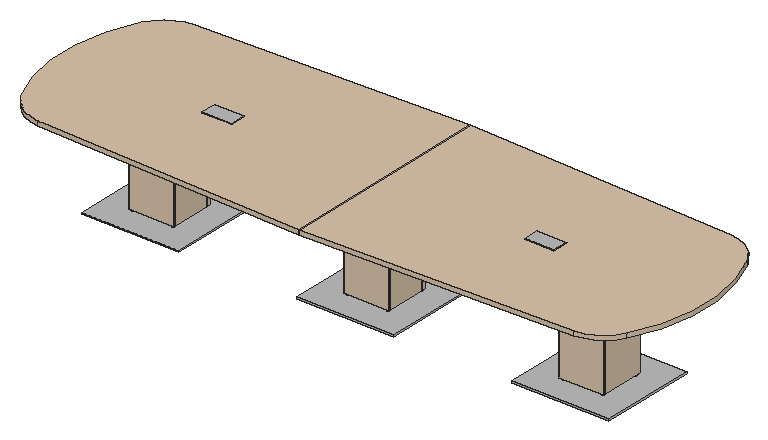
Revit family "Haworth_Planes_ColumnBaseConferenceTable_PebbleTwoPiece", category Furniture Systems, Revit 2018 (continued)
Definition of nested family "Haworth_Planes_Worksurface_Pebble_2Piece_PART"
  Definition of nested family "Haworth_Planes_Worksurface_Pebble54_TwoPiece_Part"
    Dimensions and locks (in)
      aligned and locked: Extrusion 1 to plane 5 "Table Bottom"
      aligned and locked: Extrusion 2 to plane 5 "Table Bottom"
      aligned and locked: Extrusion 3 to plane 5 "Table Bottom"
      aligned and locked: Extrusion 4 to plane 5 "Table Bottom"
      aligned and locked: Extrusion 5 to plane 5 "Table Bottom"
      aligned and locked: Extrusion 6 to plane 5 "Table Bottom"
      aligned and locked: Extrusion 7 to plane 5 "Table Bottom"
      aligned and locked: Extrusion 9 to plane 5 "Table Bottom"
      aligned and locked: Extrusion 8 to plane 5 "Table Bottom"
      aligned and locked: plane 4 "Table Top" to Extrusion 20
      aligned and locked: plane 4 "Table Top" to Extrusion 19
      aligned and locked: plane 4 "Table Top" to Extrusion 18
      aligned and locked: plane 4 "Table Top" to Extrusion 17
      aligned and locked: plane 4 "Table Top" to Extrusion 16
      aligned and locked: plane 4 "Table Top" to Extrusion 15
      aligned and locked: plane 4 "Table Top" to Extrusion 14
      aligned and locked: plane 4 "Table Top" to Extrusion 13
      aligned and locked: plane 4 "Table Top" to Extrusion 12
      aligned and locked: plane 4 "Table Top" to Extrusion 11
      aligned and locked: Extrusion 20 to plane 5 "Table Bottom"
      aligned and locked: Extrusion 19 to plane 5 "Table Bottom"
      aligned and locked: Extrusion 18 to plane 5 "Table Bottom"
      aligned and locked: Extrusion 17 to plane 5 "Table Bottom"
      aligned and locked: Extrusion 16 to plane 5 "Table Bottom"
      aligned and locked: Extrusion 15 to plane 5 "Table Bottom"
      aligned and locked: Extrusion 14 to plane 5 "Table Bottom"
      aligned and locked: Extrusion 13 to plane 5 "Table Bottom"
      aligned and locked: Extrusion 12 to plane 5 "Table Bottom"
      aligned and locked: Extrusion 11 to plane 5 "Table Bottom"
    Automatic sketch dimensions
      curve 1 to plane 3 "Center L/R" = 0"
      plane 1 "Center F/B" to curve 1 = 26.84"
      curve 1 to plane 1 "Center F/B" = 26.84"
      plane 1 "Center F/B" to Extrusion 1 sketch curve = 0"
      Extrusion 1 sketch curve to plane 3 "Center L/R" = 0"
      Extrusion 1 sketch curve to plane 3 "Center L/R" = 1.4443"  (x2)
      Extrusion 1 sketch curve to plane 3 "Center L/R" = 17.68"
      plane 1 "Center F/B" to Extrusion 1 sketch curve = 12.38461"
      plane 1 "Center F/B" to Extrusion 1 sketch curve = 26.84"
      Extrusion 1 sketch curve to Extrusion 1 sketch curve = 405.59091"  (x2)
      Extrusion 1 sketch curve to plane 1 "Center F/B" = 12.38461"
      Extrusion 1 sketch curve to plane 1 "Center F/B" = 26.84"
      Extrusion 1 sketch curve to Extrusion 1 sketch curve = 0"  (x4)
      plane 1 "Center F/B" to Extrusion 2 sketch curve = 0"
      Extrusion 2 sketch curve to plane 3 "Center L/R" = 0"
      Extrusion 2 sketch curve to plane 3 "Center L/R" = 1.45088"  (x2)
      Extrusion 2 sketch curve to plane 3 "Center L/R" = 20.68"
      plane 1 "Center F/B" to Extrusion 2 sketch curve = 12.38568"
      plane 1 "Center F/B" to Extrusion 2 sketch curve = 26.84"
      Extrusion 2 sketch curve to Extrusion 2 sketch curve = 464.70521"  (x2)
      Extrusion 2 sketch curve to plane 1 "Center F/B" = 12.38568"
      Extrusion 2 sketch curve to plane 1 "Center F/B" = 26.84"
      Extrusion 2 sketch curve to Extrusion 2 sketch curve = 0"  (x4)
      plane 1 "Center F/B" to Extrusion 3 sketch curve = 0"
      Extrusion 3 sketch curve to plane 3 "Center L/R" = 0"
      Extrusion 3 sketch curve to plane 3 "Center L/R" = 1.4551"  (x2)
      plane 1 "Center F/B" to Extrusion 3 sketch curve = 12.38622"
      plane 1 "Center F/B" to Extrusion 3 sketch curve = 26.84"
      Extrusion 3 sketch curve to Extrusion 3 sketch curve = 527.4563"  (x2)
      Extrusion 3 sketch curve to plane 1 "Center F/B" = 12.38622"
      Extrusion 3 sketch curve to plane 1 "Center F/B" = 26.84"
      Extrusion 3 sketch curve to Extrusion 3 sketch curve = 0"  (x4)
      plane 1 "Center F/B" to Extrusion 4 sketch curve = 0"
      Extrusion 4 sketch curve to plane 3 "Center L/R" = 0"
      Extrusion 4 sketch curve to plane 3 "Center L/R" = 1.45465"  (x2)
      plane 1 "Center F/B" to Extrusion 4 sketch curve = 12.38637"
      plane 1 "Center F/B" to Extrusion 4 sketch curve = 26.84"
      Extrusion 4 sketch curve to Extrusion 4 sketch curve = 593.90588"  (x2)
      Extrusion 4 sketch curve to plane 1 "Center F/B" = 12.38637"
      Extrusion 4 sketch curve to plane 1 "Center F/B" = 26.84"
      Extrusion 4 sketch curve to Extrusion 4 sketch curve = 0"  (x4)
      plane 1 "Center F/B" to Extrusion 5 sketch curve = 0"
      Extrusion 5 sketch curve to plane 3 "Center L/R" = 0"
      Extrusion 5 sketch curve to plane 3 "Center L/R" = 1.45786"  (x2)
      plane 1 "Center F/B" to Extrusion 5 sketch curve = 12.38625"
      plane 1 "Center F/B" to Extrusion 5 sketch curve = 26.84"
      Extrusion 5 sketch curve to Extrusion 5 sketch curve = 663.86697"  (x2)
      Extrusion 5 sketch curve to plane 1 "Center F/B" = 12.38625"
      Extrusion 5 sketch curve to plane 1 "Center F/B" = 26.84"
      Extrusion 5 sketch curve to Extrusion 5 sketch curve = 0"  (x4)
      plane 1 "Center F/B" to Extrusion 6 sketch curve = 0"
      Extrusion 6 sketch curve to plane 3 "Center L/R" = 0"
      Extrusion 6 sketch curve to plane 3 "Center L/R" = 1.46083"  (x2)
      plane 1 "Center F/B" to Extrusion 6 sketch curve = 12.38592"
      plane 1 "Center F/B" to Extrusion 6 sketch curve = 26.84"
      Extrusion 6 sketch curve to Extrusion 6 sketch curve = 737.42641"  (x2)
      Extrusion 6 sketch curve to plane 1 "Center F/B" = 12.38592"
      Extrusion 6 sketch curve to plane 1 "Center F/B" = 26.84"
      Extrusion 6 sketch curve to Extrusion 6 sketch curve = 0"  (x4)
      plane 1 "Center F/B" to Extrusion 7 sketch curve = 0"
      Extrusion 7 sketch curve to plane 3 "Center L/R" = 0"
      Extrusion 7 sketch curve to plane 3 "Center L/R" = 1.46185"  (x2)
      Extrusion 7 sketch curve to plane 1 "Center F/B" = 12.38546"
      plane 1 "Center F/B" to Extrusion 7 sketch curve = 12.38546"
      plane 1 "Center F/B" to Extrusion 7 sketch curve = 26.84"
      Extrusion 7 sketch curve to Extrusion 7 sketch curve = 814.63142"  (x2)
      Extrusion 7 sketch curve to plane 1 "Center F/B" = 26.84"
      Extrusion 7 sketch curve to Extrusion 7 sketch curve = 0"  (x4)
      plane 1 "Center F/B" to Extrusion 8 sketch curve = 0"
      Extrusion 8 sketch curve to plane 3 "Center L/R" = 0"
      Extrusion 8 sketch curve to plane 3 "Center L/R" = 1.4678"  (x2)
      Extrusion 8 sketch curve to plane 1 "Center F/B" = 12.3849"
      plane 1 "Center F/B" to Extrusion 8 sketch curve = 12.3849"
      plane 1 "Center F/B" to Extrusion 8 sketch curve = 26.84"
      Extrusion 8 sketch curve to Extrusion 8 sketch curve = 895.29512"  (x2)
      Extrusion 8 sketch curve to plane 1 "Center F/B" = 26.84"
      Extrusion 8 sketch curve to Extrusion 8 sketch curve = 0"  (x4)
      plane 1 "Center F/B" to Extrusion 9 sketch curve = 0"
      Extrusion 9 sketch curve to plane 3 "Center L/R" = 0"
      Extrusion 9 sketch curve to plane 3 "Center L/R" = 1.47096"  (x2)
      Extrusion 9 sketch curve to plane 1 "Center F/B" = 12.38426"
      plane 1 "Center F/B" to Extrusion 9 sketch curve = 12.38426"
      Extrusion 9 sketch curve to Extrusion 9 sketch curve = 0"  (x4)
      plane 1 "Center F/B" to Extrusion 9 sketch curve = 26.84"
      Extrusion 9 sketch curve to Extrusion 9 sketch curve = 979.62634"  (x2)
      Extrusion 9 sketch curve to plane 1 "Center F/B" = 26.84"
      plane 1 "Center F/B" to Extrusion 10 sketch curve = 0"
      Extrusion 10 sketch curve to plane 3 "Center L/R" = 0"
      Extrusion 10 sketch curve to plane 3 "Center L/R" = 1.47142"  (x2)
      Extrusion 10 sketch curve to plane 1 "Center F/B" = 12.38358"
      plane 1 "Center F/B" to Extrusion 10 sketch curve = 12.38358"
      Extrusion 10 sketch curve to Extrusion 10 sketch curve = 0"  (x4)
      plane 1 "Center F/B" to Extrusion 10 sketch curve = 26.84"
      Extrusion 10 sketch curve to Extrusion 10 sketch curve = 1067.63242"  (x2)
      Extrusion 10 sketch curve to plane 1 "Center F/B" = 26.84"
      plane 1 "Center F/B" to Masking region 1 sketch curve = 0"
      Masking region 1 sketch curve to plane 3 "Center L/R" = 0"
      Masking region 1 sketch curve to plane 3 "Center L/R" = 1.4443"  (x2)
      Masking region 1 sketch curve to plane 3 "Center L/R" = 17.68"
      plane 1 "Center F/B" to Masking region 1 sketch curve = 12.38461"
      plane 1 "Center F/B" to Masking region 1 sketch curve = 26.84"
      Masking region 1 sketch curve to Masking region 1 sketch curve = 405.59091"  (x2)
      Masking region 1 sketch curve to plane 1 "Center F/B" = 12.38461"
      Masking region 1 sketch curve to plane 1 "Center F/B" = 26.84"
      Masking region 1 sketch curve to Masking region 1 sketch curve = 0"  (x4)
      plane 1 "Center F/B" to Masking region 2 sketch curve = 0"
      Masking region 2 sketch curve to plane 3 "Center L/R" = 0"
      Masking region 2 sketch curve to plane 3 "Center L/R" = 1.45088"  (x2)
      Masking region 2 sketch curve to plane 3 "Center L/R" = 20.68"
      plane 1 "Center F/B" to Masking region 2 sketch curve = 12.38568"
      plane 1 "Center F/B" to Masking region 2 sketch curve = 26.84"
      Masking region 2 sketch curve to Masking region 2 sketch curve = 464.70521"  (x2)
      Masking region 2 sketch curve to plane 1 "Center F/B" = 12.38568"
      Masking region 2 sketch curve to plane 1 "Center F/B" = 26.84"
      Masking region 2 sketch curve to Masking region 2 sketch curve = 0"  (x4)
      plane 1 "Center F/B" to Masking region 3 sketch curve = 0"
      Masking region 3 sketch curve to plane 3 "Center L/R" = 0"
      Masking region 3 sketch curve to plane 3 "Center L/R" = 1.4551"  (x2)
      plane 1 "Center F/B" to Masking region 3 sketch curve = 12.38622"
      plane 1 "Center F/B" to Masking region 3 sketch curve = 26.84"
      Masking region 3 sketch curve to Masking region 3 sketch curve = 527.4563"  (x2)
      Masking region 3 sketch curve to plane 1 "Center F/B" = 12.38622"
      Masking region 3 sketch curve to plane 1 "Center F/B" = 26.84"
      Masking region 3 sketch curve to Masking region 3 sketch curve = 0"  (x4)
      plane 1 "Center F/B" to Masking region 4 sketch curve = 0"
      Masking region 4 sketch curve to plane 3 "Center L/R" = 0"
      Masking region 4 sketch curve to plane 3 "Center L/R" = 1.45465"  (x2)
      plane 1 "Center F/B" to Masking region 4 sketch curve = 12.38637"
      plane 1 "Center F/B" to Masking region 4 sketch curve = 26.84"
      Masking region 4 sketch curve to Masking region 4 sketch curve = 593.90588"  (x2)
      Masking region 4 sketch curve to plane 1 "Center F/B" = 12.38637"
      Masking region 4 sketch curve to plane 1 "Center F/B" = 26.84"
      Masking region 4 sketch curve to Masking region 4 sketch curve = 0"  (x4)
      plane 1 "Center F/B" to Masking region 5 sketch curve = 0"
      Masking region 5 sketch curve to plane 3 "Center L/R" = 0"
      Masking region 5 sketch curve to plane 3 "Center L/R" = 1.45786"  (x2)
      plane 1 "Center F/B" to Masking region 5 sketch curve = 12.38625"
      plane 1 "Center F/B" to Masking region 5 sketch curve = 26.84"
      Masking region 5 sketch curve to Masking region 5 sketch curve = 663.86697"  (x2)
      Masking region 5 sketch curve to plane 1 "Center F/B" = 12.38625"
      Masking region 5 sketch curve to plane 1 "Center F/B" = 26.84"
      Masking region 5 sketch curve to Masking region 5 sketch curve = 0"  (x4)
      plane 1 "Center F/B" to Masking region 6 sketch curve = 0"
      Masking region 6 sketch curve to plane 3 "Center L/R" = 0"
      Masking region 6 sketch curve to plane 3 "Center L/R" = 1.46083"  (x2)
      plane 1 "Center F/B" to Masking region 6 sketch curve = 12.38592"
      plane 1 "Center F/B" to Masking region 6 sketch curve = 26.84"
      Masking region 6 sketch curve to Masking region 6 sketch curve = 737.42641"  (x2)
      Masking region 6 sketch curve to plane 1 "Center F/B" = 12.38592"
      Masking region 6 sketch curve to plane 1 "Center F/B" = 26.84"
      Masking region 6 sketch curve to Masking region 6 sketch curve = 0"  (x4)
      plane 1 "Center F/B" to Masking region 7 sketch curve = 0"
      Masking region 7 sketch curve to plane 3 "Center L/R" = 0"
      Masking region 7 sketch curve to plane 3 "Center L/R" = 1.46185"  (x2)
      plane 1 "Center F/B" to Masking region 7 sketch curve = 12.38546"
      plane 1 "Center F/B" to Masking region 7 sketch curve = 26.84"
      Masking region 7 sketch curve to Masking region 7 sketch curve = 814.63142"  (x2)
      Masking region 7 sketch curve to plane 1 "Center F/B" = 12.38546"
      Masking region 7 sketch curve to plane 1 "Center F/B" = 26.84"
      Masking region 7 sketch curve to Masking region 7 sketch curve = 0"  (x4)
      plane 1 "Center F/B" to Masking region 8 sketch curve = 0"
      Masking region 8 sketch curve to plane 3 "Center L/R" = 0"
      Masking region 8 sketch curve to plane 3 "Center L/R" = 1.4678"  (x2)
      plane 1 "Center F/B" to Masking region 8 sketch curve = 12.3849"
      Masking region 8 sketch curve to plane 1 "Center F/B" = 12.3849"
      plane 1 "Center F/B" to Masking region 8 sketch curve = 26.84"
      Masking region 8 sketch curve to Masking region 8 sketch curve = 895.29512"  (x2)
      Masking region 8 sketch curve to plane 1 "Center F/B" = 26.84"
      Masking region 8 sketch curve to Masking region 8 sketch curve = 0"  (x4)
      plane 1 "Center F/B" to Masking region 9 sketch curve = 0"
      Masking region 9 sketch curve to plane 3 "Center L/R" = 0"
      Masking region 9 sketch curve to plane 3 "Center L/R" = 1.47096"  (x2)
      plane 1 "Center F/B" to Masking region 9 sketch curve = 12.38426"
      Masking region 9 sketch curve to plane 1 "Center F/B" = 12.38426"
      Masking region 9 sketch curve to Masking region 9 sketch curve = 0"  (x4)
      plane 1 "Center F/B" to Masking region 9 sketch curve = 26.84"
      Masking region 9 sketch curve to Masking region 9 sketch curve = 979.62634"  (x2)
      Masking region 9 sketch curve to plane 1 "Center F/B" = 26.84"
      plane 1 "Center F/B" to Masking region 10 sketch curve = 0"
      Masking region 10 sketch curve to plane 3 "Center L/R" = 0"
      Masking region 10 sketch curve to plane 3 "Center L/R" = 1.47142"  (x2)
      plane 1 "Center F/B" to Masking region 10 sketch curve = 12.38358"
      Masking region 10 sketch curve to plane 1 "Center F/B" = 12.38358"
      Masking region 10 sketch curve to Masking region 10 sketch curve = 0"  (x4)
      plane 1 "Center F/B" to Masking region 10 sketch curve = 26.84"
      Masking region 10 sketch curve to Masking region 10 sketch curve = 1067.63242"  (x2)
      Masking region 10 sketch curve to plane 1 "Center F/B" = 26.84"
      plane 1 "Center F/B" to Extrusion 11 sketch curve = 0"
      Extrusion 11 sketch curve to plane 3 "Center L/R" = 0"
      Extrusion 11 sketch curve to plane 3 "Center L/R" = 1.4443"  (x2)
      Extrusion 11 sketch curve to plane 3 "Center L/R" = 17.68"
      Extrusion 11 sketch curve to plane 1 "Center F/B" = 12.38461"
      Extrusion 11 sketch curve to plane 1 "Center F/B" = 26.84"
      Extrusion 11 sketch curve to Extrusion 11 sketch curve = 405.59091"  (x2)
      plane 1 "Center F/B" to Extrusion 11 sketch curve = 12.38461"
      plane 1 "Center F/B" to Extrusion 11 sketch curve = 26.84"
      Extrusion 11 sketch curve to Extrusion 11 sketch curve = 0"  (x4)
      plane 1 "Center F/B" to Extrusion 12 sketch curve = 0"
      Extrusion 12 sketch curve to plane 3 "Center L/R" = 0"
      Extrusion 12 sketch curve to plane 3 "Center L/R" = 1.45088"  (x2)
      Extrusion 12 sketch curve to plane 3 "Center L/R" = 20.68"
      Extrusion 12 sketch curve to plane 1 "Center F/B" = 12.38568"
      Extrusion 12 sketch curve to plane 1 "Center F/B" = 26.84"
      Extrusion 12 sketch curve to Extrusion 12 sketch curve = 464.70521"  (x2)
      plane 1 "Center F/B" to Extrusion 12 sketch curve = 12.38568"
      plane 1 "Center F/B" to Extrusion 12 sketch curve = 26.84"
      Extrusion 12 sketch curve to Extrusion 12 sketch curve = 0"  (x4)
      plane 1 "Center F/B" to Extrusion 13 sketch curve = 0"
      Extrusion 13 sketch curve to plane 3 "Center L/R" = 0"
      Extrusion 13 sketch curve to plane 3 "Center L/R" = 1.4551"  (x2)
      Extrusion 13 sketch curve to plane 1 "Center F/B" = 12.38622"
      Extrusion 13 sketch curve to plane 1 "Center F/B" = 26.84"
      Extrusion 13 sketch curve to Extrusion 13 sketch curve = 527.4563"  (x2)
      plane 1 "Center F/B" to Extrusion 13 sketch curve = 12.38622"
      plane 1 "Center F/B" to Extrusion 13 sketch curve = 26.84"
      Extrusion 13 sketch curve to Extrusion 13 sketch curve = 0"  (x4)
      plane 1 "Center F/B" to Extrusion 14 sketch curve = 0"
      Extrusion 14 sketch curve to plane 3 "Center L/R" = 0"
      Extrusion 14 sketch curve to plane 3 "Center L/R" = 1.45465"  (x2)
      Extrusion 14 sketch curve to plane 1 "Center F/B" = 12.38637"
      Extrusion 14 sketch curve to plane 1 "Center F/B" = 26.84"
      Extrusion 14 sketch curve to Extrusion 14 sketch curve = 593.90588"  (x2)
      plane 1 "Center F/B" to Extrusion 14 sketch curve = 12.38637"
      plane 1 "Center F/B" to Extrusion 14 sketch curve = 26.84"
      Extrusion 14 sketch curve to Extrusion 14 sketch curve = 0"  (x4)
      plane 1 "Center F/B" to Extrusion 15 sketch curve = 0"
      Extrusion 15 sketch curve to plane 3 "Center L/R" = 0"
      Extrusion 15 sketch curve to plane 3 "Center L/R" = 1.45786"  (x2)
      Extrusion 15 sketch curve to plane 1 "Center F/B" = 12.38625"
      Extrusion 15 sketch curve to plane 1 "Center F/B" = 26.84"
      Extrusion 15 sketch curve to Extrusion 15 sketch curve = 663.86697"  (x2)
      plane 1 "Center F/B" to Extrusion 15 sketch curve = 12.38625"
      plane 1 "Center F/B" to Extrusion 15 sketch curve = 26.84"
      Extrusion 15 sketch curve to Extrusion 15 sketch curve = 0"  (x4)
      plane 1 "Center F/B" to Extrusion 16 sketch curve = 0"
      Extrusion 16 sketch curve to plane 3 "Center L/R" = 0"
      Extrusion 16 sketch curve to plane 3 "Center L/R" = 1.46083"  (x2)
      Extrusion 16 sketch curve to plane 1 "Center F/B" = 12.38592"
      Extrusion 16 sketch curve to plane 1 "Center F/B" = 26.84"
      Extrusion 16 sketch curve to Extrusion 16 sketch curve = 737.42641"  (x2)
      plane 1 "Center F/B" to Extrusion 16 sketch curve = 12.38592"
      plane 1 "Center F/B" to Extrusion 16 sketch curve = 26.84"
      Extrusion 16 sketch curve to Extrusion 16 sketch curve = 0"  (x4)
      plane 1 "Center F/B" to Extrusion 17 sketch curve = 0"
      Extrusion 17 sketch curve to plane 3 "Center L/R" = 0"
      Extrusion 17 sketch curve to plane 3 "Center L/R" = 1.46185"  (x2)
      plane 1 "Center F/B" to Extrusion 17 sketch curve = 12.38546"
      Extrusion 17 sketch curve to plane 1 "Center F/B" = 12.38546"
      Extrusion 17 sketch curve to plane 1 "Center F/B" = 26.84"
      Extrusion 17 sketch curve to Extrusion 17 sketch curve = 814.63142"  (x2)
      plane 1 "Center F/B" to Extrusion 17 sketch curve = 26.84"
      Extrusion 17 sketch curve to Extrusion 17 sketch curve = 0"  (x4)
      plane 1 "Center F/B" to Extrusion 18 sketch curve = 0"
      Extrusion 18 sketch curve to plane 3 "Center L/R" = 0"
      Extrusion 18 sketch curve to plane 3 "Center L/R" = 1.4678"  (x2)
      plane 1 "Center F/B" to Extrusion 18 sketch curve = 12.3849"
      Extrusion 18 sketch curve to plane 1 "Center F/B" = 12.3849"
      Extrusion 18 sketch curve to plane 1 "Center F/B" = 26.84"
      Extrusion 18 sketch curve to Extrusion 18 sketch curve = 895.29512"  (x2)
      plane 1 "Center F/B" to Extrusion 18 sketch curve = 26.84"
      Extrusion 18 sketch curve to Extrusion 18 sketch curve = 0"  (x4)
      plane 1 "Center F/B" to Extrusion 19 sketch curve = 0"
      Extrusion 19 sketch curve to plane 3 "Center L/R" = 0"
      Extrusion 19 sketch curve to plane 3 "Center L/R" = 1.47096"  (x2)
      plane 1 "Center F/B" to Extrusion 19 sketch curve = 12.38426"
      Extrusion 19 sketch curve to plane 1 "Center F/B" = 12.38426"
      Extrusion 19 sketch curve to Extrusion 19 sketch curve = 0"  (x4)
      Extrusion 19 sketch curve to plane 1 "Center F/B" = 26.84"
      Extrusion 19 sketch curve to Extrusion 19 sketch curve = 979.62634"  (x2)
      plane 1 "Center F/B" to Extrusion 19 sketch curve = 26.84"
      plane 1 "Center F/B" to Extrusion 20 sketch curve = 0"
      Extrusion 20 sketch curve to plane 3 "Center L/R" = 0"
      Extrusion 20 sketch curve to plane 3 "Center L/R" = 1.47142"  (x2)
      plane 1 "Center F/B" to Extrusion 20 sketch curve = 12.38358"
      Extrusion 20 sketch curve to plane 1 "Center F/B" = 12.38358"
      Extrusion 20 sketch curve to Extrusion 20 sketch curve = 0"  (x4)
      Extrusion 20 sketch curve to plane 1 "Center F/B" = 26.84"
      Extrusion 20 sketch curve to Extrusion 20 sketch curve = 1067.63242"  (x2)
      plane 1 "Center F/B" to Extrusion 20 sketch curve = 26.84"
      Masking region 11 sketch curve to plane 3 "Center L/R" = 0"
      plane 1 "Center F/B" to Masking region 11 sketch curve = 0"
      plane 1 "Center F/B" to Masking region 11 sketch curve = 12.38461"
      plane 1 "Center F/B" to Masking region 11 sketch curve = 26.84"
      plane 3 "Center L/R" to Masking region 11 sketch curve = 1.4443"  (x2)
      Masking region 11 sketch curve to Masking region 11 sketch curve = 405.59091"  (x2)
      Masking region 11 sketch curve to plane 1 "Center F/B" = 12.38461"
      Masking region 11 sketch curve to plane 1 "Center F/B" = 26.84"
      plane 3 "Center L/R" to Masking region 11 sketch curve = 17.68"
      Masking region 11 sketch curve to Masking region 11 sketch curve = 4.50349"
      Masking region 11 sketch curve to Masking region 11 sketch curve = 0"  (x3)
      Masking region 12 sketch curve to plane 3 "Center L/R" = 0"
      plane 1 "Center F/B" to Masking region 12 sketch curve = 0"
      plane 1 "Center F/B" to Masking region 12 sketch curve = 12.38568"
      plane 1 "Center F/B" to Masking region 12 sketch curve = 26.84"
      plane 3 "Center L/R" to Masking region 12 sketch curve = 1.45088"  (x2)
      Masking region 12 sketch curve to Masking region 12 sketch curve = 464.70521"  (x2)
      Masking region 12 sketch curve to plane 1 "Center F/B" = 12.38568"
      Masking region 12 sketch curve to plane 1 "Center F/B" = 26.84"
      plane 3 "Center L/R" to Masking region 12 sketch curve = 20.68"
      Masking region 12 sketch curve to Masking region 12 sketch curve = 4.50388"
      Masking region 12 sketch curve to Masking region 12 sketch curve = 0"  (x3)
      Masking region 13 sketch curve to plane 3 "Center L/R" = 0"
      plane 1 "Center F/B" to Masking region 13 sketch curve = 0"
      plane 1 "Center F/B" to Masking region 13 sketch curve = 12.38622"
      plane 1 "Center F/B" to Masking region 13 sketch curve = 26.84"
      plane 3 "Center L/R" to Masking region 13 sketch curve = 1.4551"  (x2)
      Masking region 13 sketch curve to Masking region 13 sketch curve = 527.4563"  (x2)
      Masking region 13 sketch curve to plane 1 "Center F/B" = 12.38622"
      Masking region 13 sketch curve to plane 1 "Center F/B" = 26.84"
      Masking region 13 sketch curve to Masking region 13 sketch curve = 4.50408"
      Masking region 13 sketch curve to Masking region 13 sketch curve = 0"  (x3)
      Masking region 14 sketch curve to plane 3 "Center L/R" = 0"
      plane 1 "Center F/B" to Masking region 14 sketch curve = 0"
      plane 1 "Center F/B" to Masking region 14 sketch curve = 12.38637"
      plane 1 "Center F/B" to Masking region 14 sketch curve = 26.84"
      plane 3 "Center L/R" to Masking region 14 sketch curve = 1.45465"  (x2)
      Masking region 14 sketch curve to Masking region 14 sketch curve = 593.90588"  (x2)
      Masking region 14 sketch curve to plane 1 "Center F/B" = 12.38637"
      Masking region 14 sketch curve to plane 1 "Center F/B" = 26.84"
      Masking region 14 sketch curve to Masking region 14 sketch curve = 4.50413"
      Masking region 14 sketch curve to Masking region 14 sketch curve = 0"  (x3)
      Masking region 15 sketch curve to plane 3 "Center L/R" = 0"
      plane 1 "Center F/B" to Masking region 15 sketch curve = 0"
      plane 1 "Center F/B" to Masking region 15 sketch curve = 12.38625"
      plane 1 "Center F/B" to Masking region 15 sketch curve = 26.84"
      plane 3 "Center L/R" to Masking region 15 sketch curve = 1.45786"  (x2)
      Masking region 15 sketch curve to Masking region 15 sketch curve = 663.86697"  (x2)
      Masking region 15 sketch curve to plane 1 "Center F/B" = 12.38625"
      Masking region 15 sketch curve to plane 1 "Center F/B" = 26.84"
      Masking region 15 sketch curve to Masking region 15 sketch curve = 4.50409"
      Masking region 15 sketch curve to Masking region 15 sketch curve = 0"  (x3)
      Masking region 16 sketch curve to plane 3 "Center L/R" = 0"
      plane 1 "Center F/B" to Masking region 16 sketch curve = 0"
      plane 1 "Center F/B" to Masking region 16 sketch curve = 12.38592"
      plane 1 "Center F/B" to Masking region 16 sketch curve = 26.84"
      plane 3 "Center L/R" to Masking region 16 sketch curve = 1.46083"  (x2)
      Masking region 16 sketch curve to Masking region 16 sketch curve = 737.42641"  (x2)
      Masking region 16 sketch curve to plane 1 "Center F/B" = 12.38592"
      Masking region 16 sketch curve to plane 1 "Center F/B" = 26.84"
      Masking region 16 sketch curve to Masking region 16 sketch curve = 4.50397"
      Masking region 16 sketch curve to Masking region 16 sketch curve = 0"  (x3)
      Masking region 17 sketch curve to plane 3 "Center L/R" = 0"
      plane 1 "Center F/B" to Masking region 17 sketch curve = 0"
      plane 1 "Center F/B" to Masking region 17 sketch curve = 12.38546"
      plane 1 "Center F/B" to Masking region 17 sketch curve = 26.84"
      plane 3 "Center L/R" to Masking region 17 sketch curve = 1.46185"  (x2)
      Masking region 17 sketch curve to Masking region 17 sketch curve = 814.63142"  (x2)
      Masking region 17 sketch curve to plane 1 "Center F/B" = 12.38546"
      Masking region 17 sketch curve to plane 1 "Center F/B" = 26.84"
      Masking region 17 sketch curve to Masking region 17 sketch curve = 4.5038"
      Masking region 17 sketch curve to Masking region 17 sketch curve = 0"  (x3)
      Masking region 18 sketch curve to plane 3 "Center L/R" = 0"
      plane 1 "Center F/B" to Masking region 18 sketch curve = 0"
      plane 1 "Center F/B" to Masking region 18 sketch curve = 12.3849"
      plane 1 "Center F/B" to Masking region 18 sketch curve = 26.84"
      plane 3 "Center L/R" to Masking region 18 sketch curve = 1.4678"  (x2)
      Masking region 18 sketch curve to Masking region 18 sketch curve = 895.29512"  (x2)
      Masking region 18 sketch curve to plane 1 "Center F/B" = 12.3849"
      Masking region 18 sketch curve to plane 1 "Center F/B" = 26.84"
      Masking region 18 sketch curve to Masking region 18 sketch curve = 4.5036"
      Masking region 18 sketch curve to Masking region 18 sketch curve = 0"  (x3)
      Masking region 19 sketch curve to plane 3 "Center L/R" = 0"
      plane 1 "Center F/B" to Masking region 19 sketch curve = 0"
      plane 1 "Center F/B" to Masking region 19 sketch curve = 12.38426"
      plane 1 "Center F/B" to Masking region 19 sketch curve = 26.84"
      plane 3 "Center L/R" to Masking region 19 sketch curve = 1.47096"  (x2)
      Masking region 19 sketch curve to Masking region 19 sketch curve = 979.62634"  (x2)
      Masking region 19 sketch curve to plane 1 "Center F/B" = 12.38426"
      Masking region 19 sketch curve to plane 1 "Center F/B" = 26.84"
      Masking region 19 sketch curve to Masking region 19 sketch curve = 0"  (x3)
      Masking region 19 sketch curve to Masking region 19 sketch curve = 4.50337"
      Masking region 20 sketch curve to plane 3 "Center L/R" = 0"
      plane 1 "Center F/B" to Masking region 20 sketch curve = 0"
      plane 1 "Center F/B" to Masking region 20 sketch curve = 12.38358"
      plane 1 "Center F/B" to Masking region 20 sketch curve = 26.84"
      plane 3 "Center L/R" to Masking region 20 sketch curve = 1.47142"  (x2)
      Masking region 20 sketch curve to Masking region 20 sketch curve = 1067.63242"  (x2)
      Masking region 20 sketch curve to plane 1 "Center F/B" = 12.38358"
      Masking region 20 sketch curve to plane 1 "Center F/B" = 26.84"
      Masking region 20 sketch curve to Masking region 20 sketch curve = 0"  (x3)
      Masking region 20 sketch curve to Masking region 20 sketch curve = 4.50312"
      Extrusion 11 sketch curve to Extrusion 11 sketch curve = 30.58793"
      Extrusion 12 sketch curve to Extrusion 12 sketch curve = 30.5875"
      Extrusion 13 sketch curve to plane 3 "Center L/R" = 23.68"
      Extrusion 13 sketch curve to Extrusion 13 sketch curve = 30.58728"
      Extrusion 14 sketch curve to plane 3 "Center L/R" = 26.68"
      Extrusion 14 sketch curve to Extrusion 14 sketch curve = 30.58722"
      Extrusion 15 sketch curve to plane 3 "Center L/R" = 29.68"
      Extrusion 15 sketch curve to Extrusion 15 sketch curve = 30.58727"
      Extrusion 16 sketch curve to plane 3 "Center L/R" = 32.68"
      Extrusion 16 sketch curve to Extrusion 16 sketch curve = 30.5874"
      Extrusion 17 sketch curve to plane 3 "Center L/R" = 35.68"
      Extrusion 17 sketch curve to Extrusion 17 sketch curve = 30.58759"
      Extrusion 18 sketch curve to plane 3 "Center L/R" = 38.68"
      Extrusion 18 sketch curve to Extrusion 18 sketch curve = 30.58781"
      Extrusion 19 sketch curve to plane 3 "Center L/R" = 41.68"
      Extrusion 19 sketch curve to Extrusion 19 sketch curve = 30.58807"
      Extrusion 20 sketch curve to plane 3 "Center L/R" = 44.68"
      Extrusion 20 sketch curve to Extrusion 20 sketch curve = 30.58835"
      Masking region 11 sketch curve to Masking region 11 sketch curve = 30.58793"
      Masking region 12 sketch curve to Masking region 12 sketch curve = 30.5875"
      plane 3 "Center L/R" to Masking region 13 sketch curve = 23.68"
      Masking region 13 sketch curve to Masking region 13 sketch curve = 30.58728"
      plane 3 "Center L/R" to Masking region 14 sketch curve = 26.68"
      Masking region 14 sketch curve to Masking region 14 sketch curve = 30.58722"
      plane 3 "Center L/R" to Masking region 15 sketch curve = 29.68"
      Masking region 15 sketch curve to Masking region 15 sketch curve = 30.58727"
      plane 3 "Center L/R" to Masking region 16 sketch curve = 32.68"
      Masking region 16 sketch curve to Masking region 16 sketch curve = 30.5874"
      plane 3 "Center L/R" to Masking region 17 sketch curve = 35.68"
      Masking region 17 sketch curve to Masking region 17 sketch curve = 30.58759"
      plane 3 "Center L/R" to Masking region 18 sketch curve = 38.68"
      Masking region 18 sketch curve to Masking region 18 sketch curve = 30.58781"
      plane 3 "Center L/R" to Masking region 19 sketch curve = 41.68"
      Masking region 19 sketch curve to Masking region 19 sketch curve = 30.58807"
      plane 3 "Center L/R" to Masking region 20 sketch curve = 44.68"
      Masking region 20 sketch curve to Masking region 20 sketch curve = 30.58835"
      Extrusion 1 sketch curve to Extrusion 1 sketch curve = 30.58793"
      Extrusion 2 sketch curve to Extrusion 2 sketch curve = 30.5875"
      Extrusion 3 sketch curve to plane 3 "Center L/R" = 23.68"
      Extrusion 3 sketch curve to Extrusion 3 sketch curve = 30.58728"
      Extrusion 4 sketch curve to plane 3 "Center L/R" = 26.68"
      Extrusion 4 sketch curve to Extrusion 4 sketch curve = 30.58722"
      Extrusion 5 sketch curve to plane 3 "Center L/R" = 29.68"
      Extrusion 5 sketch curve to Extrusion 5 sketch curve = 30.58727"
      Extrusion 6 sketch curve to plane 3 "Center L/R" = 32.68"
      Extrusion 6 sketch curve to Extrusion 6 sketch curve = 30.5874"
      Extrusion 7 sketch curve to plane 3 "Center L/R" = 35.68"
      Extrusion 7 sketch curve to Extrusion 7 sketch curve = 30.58759"
      Extrusion 8 sketch curve to plane 3 "Center L/R" = 38.68"
      Extrusion 8 sketch curve to Extrusion 8 sketch curve = 30.58781"
      Extrusion 9 sketch curve to plane 3 "Center L/R" = 41.68"
      Extrusion 9 sketch curve to Extrusion 9 sketch curve = 30.58807"
      Extrusion 10 sketch curve to plane 3 "Center L/R" = 44.68"
      Extrusion 10 sketch curve to Extrusion 10 sketch curve = 30.58835"
      Masking region 1 sketch curve to Masking region 1 sketch curve = 30.58793"
      Masking region 2 sketch curve to Masking region 2 sketch curve = 30.5875"
      Masking region 3 sketch curve to plane 3 "Center L/R" = 23.68"
      Masking region 3 sketch curve to Masking region 3 sketch curve = 30.58728"
      Masking region 4 sketch curve to plane 3 "Center L/R" = 26.68"
      Masking region 4 sketch curve to Masking region 4 sketch curve = 30.58722"
      Masking region 5 sketch curve to plane 3 "Center L/R" = 29.68"
      Masking region 5 sketch curve to Masking region 5 sketch curve = 30.58727"
      Masking region 6 sketch curve to plane 3 "Center L/R" = 32.68"
      Masking region 6 sketch curve to Masking region 6 sketch curve = 30.5874"
      Masking region 7 sketch curve to plane 3 "Center L/R" = 35.68"
      Masking region 7 sketch curve to Masking region 7 sketch curve = 30.58759"
      Masking region 8 sketch curve to plane 3 "Center L/R" = 38.68"
      Masking region 8 sketch curve to Masking region 8 sketch curve = 30.58781"
      Masking region 9 sketch curve to plane 3 "Center L/R" = 41.68"
      Masking region 9 sketch curve to Masking region 9 sketch curve = 30.58807"
      Masking region 10 sketch curve to plane 3 "Center L/R" = 44.68"
      Masking region 10 sketch curve to Masking region 10 sketch curve = 30.58835"
  Definition of nested family "Haworth_Planes_Worksurface_Pebble60_TwoPiece_Part"
    Parameters (values of type "Worksurface")
      Width = 180"
      Warranty = "https://www.haworth.com/resources/product-info/warranties"
      URL - Product = ""
      URL = "www.haworth.com"
      Thickness = 1 3/16"
      Table Finish = none
      Table Edge Finish = none
      Revision Number = ""
      Note = "Verify Final Dim. w/ Haworth"  # constant formula
      Min. Width = 126"  # constant formula
      Min. Depth = 60"  # constant formula
      Max. Width = 180"  # constant formula
      Max. Depth = 60"  # constant formula
      Manufacturer = "Haworth"  # constant formula
      Depth = 60"  # constant formula
      Cutout Width = 8"  # constant formula
      Cutout Dimension = 3"  # constant formula
      Cutout Depth = 4"  # constant formula
      Center Cutout Offset = Actual Width / 4  # 45"
      Author = "Haworth (Alias)"  # constant formula
      Assembly Code = ""
      Actual Width = if(Width < Min. Width, Min. Width, if(Width > Max. Width, Max. Width, Width))  # 180"
      Actual Height = 29"
      Actual Depth = if(Depth > Max. Depth, Max. Depth, if(Depth < Min. Depth, Min. Depth, Depth))  # 60"
      180w = and(177" < Actual Width, Actual Width < 181")  # yes
      174w = and(171" < Actual Width, Actual Width < 178")  # no
      168w = and(165" < Actual Width, Actual Width < 172")  # no
      162w = and(159" < Actual Width, Actual Width < 166")  # no
      156w = and(153" < Actual Width, Actual Width < 160")  # no
      150w = and(147" < Actual Width, Actual Width < 154")  # no
      144w = and(141" < Actual Width, Actual Width < 148")  # no
      138w = and(135" < Actual Width, Actual Width < 142")  # no
      132w = and(129" < Actual Width, Actual Width < 136")  # no
      126w = and(125" < Actual Width, Actual Width < 130")  # no
    Reference planes (in)
      plane 1 "Center F/B": y = 15
      plane 2 "Bottom": z = 0
      plane 3 "Center L/R": x = 0
      plane 4 "Table Top": z = 29
      plane 5 "Table Bottom": z = 27.8125
      plane 6 "Cutout Top": z = 30
      plane 7 "Cutout Bottom": z = 27
      plane 8 "KnifeEdge Middle": z = 28.625
    Forms (in)
      Extrusion 1, solid, material <- "Table Finish", visible <- "126w"
        sketch origin (-454.85785, 402.10992, 0) x (1, 0, 0) y (0, 1, 0)
          loop
            arc (397.36879, -366.12806) -> (392.17785, -387.10992) -> (397.36879, -408.09178) r 45
            arc (397.36879, -408.09178) -> (401.2401, -412.42197) -> (406.69155, -414.42676) r 12
            arc (406.69155, -414.42676) -> (430.73961, -416.35829) -> (454.85785, -416.94992) r 433.79443
            line (454.85785, -416.94992) -> (454.85785, -357.26992)
            arc (454.85785, -357.26992) -> (430.73961, -357.86155) -> (406.69155, -359.79308) r 433.79443
            arc (406.69155, -359.79308) -> (401.2401, -361.79787) -> (397.36879, -366.12806) r 12
        from 27.8125 to 29
      Extrusion 2, solid, material <- "Table Finish", visible <- "132w"
        sketch origin (-454.93595, 339.70842, 0) x (1, 0, 0) y (0, 1, 0)
          loop
            arc (454.93595, -294.86842) -> (429.36026, -295.45955) -> (403.85008, -297.382) r 490.99821
            arc (403.85008, -297.382) -> (398.35226, -299.37254) -> (394.44775, -303.72491) r 12
            arc (394.44775, -303.72491) -> (389.25595, -324.70842) -> (394.44775, -345.69194) r 45
            arc (394.44775, -345.69194) -> (398.35226, -350.04431) -> (403.85008, -352.03485) r 12
            arc (403.85008, -352.03485) -> (429.36026, -353.9573) -> (454.93595, -354.54842) r 490.99821
            line (454.93595, -354.54842) -> (454.93595, -294.86842)
        from 27.8125 to 29
      Extrusion 3, solid, material <- "Table Finish", visible <- "138w"
        sketch origin (-454.4954, 275.95917, 0) x (1, 0, 0) y (0, 1, 0)
          loop
            arc (454.4954, -231.11917) -> (427.45726, -231.71043) -> (400.48051, -233.62517) r 552.04829
            arc (400.48051, -233.62517) -> (394.94159, -235.6028) -> (391.00764, -239.97483) r 12
            arc (391.00764, -239.97483) -> (385.8154, -260.95917) -> (391.00764, -281.9435) r 45
            arc (391.00764, -281.9435) -> (394.94159, -286.31553) -> (400.48051, -288.29316) r 12
            arc (400.48051, -288.29316) -> (427.45726, -290.20791) -> (454.4954, -290.79917) r 552.04829
            line (454.4954, -290.79917) -> (454.4954, -231.11917)
        from 27.8125 to 29
      Extrusion 4, solid, material <- "Table Finish", visible <- "144w"
        sketch origin (-454.4954, 214.86464, 0) x (1, 0, 0) y (0, 1, 0)
          loop
            arc (454.4954, -170.02464) -> (425.99051, -170.6163) -> (397.54342, -172.52463) r 616.77904
            arc (397.54342, -172.52463) -> (391.96794, -174.49055) -> (388.00777, -178.88007) r 12
            arc (388.00777, -178.88007) -> (382.8154, -199.86464) -> (388.00777, -220.8492) r 45
            arc (388.00777, -220.8492) -> (391.96794, -225.23873) -> (397.54342, -227.20465) r 12
            arc (397.54342, -227.20465) -> (425.99051, -229.11298) -> (454.4954, -229.70464) r 616.77904
            line (454.4954, -229.70464) -> (454.4954, -170.02464)
        from 27.8125 to 29
      Extrusion 5, solid, material <- "Table Finish", visible <- "150w"
        sketch origin (-454.4954, 150.22845, 0) x (1, 0, 0) y (0, 1, 0)
          loop
            arc (454.4954, -105.38845) -> (424.52024, -105.98079) -> (394.59967, -107.88362) r 685.30301
            arc (394.59967, -107.88362) -> (388.99138, -109.83886) -> (385.00767, -114.24407) r 12
            arc (385.00767, -114.24407) -> (379.8154, -135.22845) -> (385.00767, -156.21282) r 45
            arc (385.00767, -156.21282) -> (388.99138, -160.61803) -> (394.59967, -162.57327) r 12
            arc (394.59967, -162.57327) -> (424.52024, -164.4761) -> (454.4954, -165.06845) r 685.30301
            line (454.4954, -165.06845) -> (454.4954, -105.38845)
        from 27.8125 to 29
      Extrusion 6, solid, material <- "Table Finish", visible <- "156w"
        sketch origin (-454.49828, 87.28838, 0) x (1, 0, 0) y (0, 1, 0)
          loop
            arc (454.49828, -42.44838) -> (423.02218, -42.97741) -> (391.6031, -44.94351) r 689.06622
            arc (391.6031, -44.94351) -> (385.99449, -46.89865) -> (382.01054, -51.30401) r 12
            arc (382.01054, -51.30401) -> (376.81828, -72.28838) -> (382.01054, -93.27276) r 45
            arc (382.01054, -93.27276) -> (385.99449, -97.67812) -> (391.6031, -99.63325) r 12
            arc (391.6031, -99.63325) -> (423.02218, -101.59936) -> (454.49828, -102.12838) r 689.06622
            line (454.49828, -102.12838) -> (454.49828, -42.44838)
        from 27.8125 to 29
      Extrusion 7, solid, material <- "Table Finish", visible <- "162w"
        sketch origin (-454.94349, 25.30847, 0) x (1, 0, 0) y (0, 1, 0)
          loop
            arc (454.94349, 19.53153) -> (422.01884, 18.93819) -> (389.1434, 17.04332) r 832.57247
            arc (389.1434, 17.04332) -> (383.4791, 15.10671) -> (379.45513, 10.67472) r 12
            arc (379.45513, 10.67472) -> (374.26349, -10.30847) -> (379.45513, -31.29167) r 45
            arc (379.45513, -31.29167) -> (383.4791, -35.72365) -> (389.1434, -37.66027) r 12
            arc (389.1434, -37.66027) -> (422.01884, -39.55513) -> (454.94349, -40.14847) r 832.57247
            line (454.94349, -40.14847) -> (454.94349, 19.53153)
        from 27.8125 to 29
      Extrusion 8, solid, material <- "Table Finish", visible <- "168w"
        sketch origin (-455.38761, -39.55543, 0) x (1, 0, 0) y (0, 1, 0)
          loop
            arc (455.38761, 84.39543) -> (420.98482, 83.8012) -> (386.62894, 81.90977) r 912.05887
            arc (386.62894, 81.90977) -> (380.94028, 79.9814) -> (376.8988, 75.53778) r 12
            arc (376.8988, 75.53778) -> (371.70761, 54.55543) -> (376.8988, 33.57309) r 45
            arc (376.8988, 33.57309) -> (380.94028, 29.12946) -> (386.62894, 27.2011) r 12
            arc (386.62894, 27.2011) -> (420.98482, 25.30966) -> (455.38761, 24.71543) r 912.05887
            line (455.38761, 24.71543) -> (455.38761, 84.39543)
        from 27.8125 to 29
      Extrusion 9, solid, material <- "Table Finish", visible <- "174w"
        sketch origin (-455.38761, -103.75043, 0) x (1, 0, 0) y (0, 1, 0)
          loop
            arc (455.38761, 148.59043) -> (419.50456, 147.99582) -> (383.66634, 146.1068) r 994.40556
            arc (383.66634, 146.1068) -> (377.95564, 144.18599) -> (373.8983, 139.73183) r 12
            arc (373.8983, 139.73183) -> (368.70761, 118.75043) -> (373.8983, 97.76903) r 45
            arc (373.8983, 97.76903) -> (377.95564, 93.31487) -> (383.66634, 91.39405) r 12
            arc (383.66634, 91.39405) -> (419.50456, 89.50503) -> (455.38761, 88.91043) r 994.40556
            line (455.38761, 88.91043) -> (455.38761, 148.59043)
        from 27.8125 to 29
      Extrusion 10, solid, material <- "Table Finish", visible <- "180w"
        sketch origin (-455.93132, -172.87048, 0) x (1, 0, 0) y (0, 1, 0)
          loop
            arc (455.93132, 217.71048) -> (418.56643, 217.11525) -> (381.24446, 215.22852) r 1080.70204
            arc (381.24446, 215.22852) -> (375.51345, 213.31473) -> (371.44148, 208.85086) r 12
            arc (371.44148, 208.85086) -> (366.25132, 187.87048) -> (371.44148, 166.8901) r 45
            arc (371.44148, 166.8901) -> (375.51345, 162.42623) -> (381.24446, 160.51244) r 12
            arc (381.24446, 160.51244) -> (418.56643, 158.62571) -> (455.93132, 158.03048) r 1080.70204
            line (455.93132, 158.03048) -> (455.93132, 217.71048)
        from 27.8125 to 29
      Extrusion 11, solid, material <- "Table Finish", visible <- "126w"
        sketch origin (454.85785, 402.10992, 0) x (-1, 0, 0) y (0, -1, 0)
          loop
            arc (397.36879, 366.12806) -> (401.2401, 361.79787) -> (406.69155, 359.79308) r 12
            arc (406.69155, 359.79308) -> (430.73961, 357.86155) -> (454.85785, 357.26992) r 433.79443
            line (454.85785, 357.26992) -> (454.85785, 416.94992)
            arc (454.85785, 416.94992) -> (430.73961, 416.35829) -> (406.69155, 414.42676) r 433.79443
            arc (406.69155, 414.42676) -> (401.2401, 412.42197) -> (397.36879, 408.09178) r 12
            arc (397.36879, 408.09178) -> (392.17785, 387.10992) -> (397.36879, 366.12806) r 45
        from 27.8125 to 29
      Extrusion 12, solid, material <- "Table Finish", visible <- "132w"
        sketch origin (454.93595, 339.70842, 0) x (-1, 0, 0) y (0, -1, 0)
          loop
            line (454.93595, 294.86842) -> (454.93595, 354.54842)
            arc (454.93595, 354.54842) -> (429.36026, 353.9573) -> (403.85008, 352.03485) r 490.99821
            arc (403.85008, 352.03485) -> (398.35226, 350.04431) -> (394.44775, 345.69194) r 12
            arc (394.44775, 345.69194) -> (389.25595, 324.70842) -> (394.44775, 303.72491) r 45
            arc (394.44775, 303.72491) -> (398.35226, 299.37254) -> (403.85008, 297.382) r 12
            arc (403.85008, 297.382) -> (429.36026, 295.45955) -> (454.93595, 294.86842) r 490.99821
        from 27.8125 to 29
      Extrusion 13, solid, material <- "Table Finish", visible <- "138w"
        sketch origin (454.4954, 275.95917, 0) x (-1, 0, 0) y (0, -1, 0)
          loop
            line (454.4954, 231.11917) -> (454.4954, 290.79917)
            arc (454.4954, 290.79917) -> (427.45726, 290.20791) -> (400.48051, 288.29316) r 552.04829
            arc (400.48051, 288.29316) -> (394.94159, 286.31553) -> (391.00764, 281.9435) r 12
            arc (391.00764, 281.9435) -> (385.8154, 260.95917) -> (391.00764, 239.97483) r 45
            arc (391.00764, 239.97483) -> (394.94159, 235.6028) -> (400.48051, 233.62517) r 12
            arc (400.48051, 233.62517) -> (427.45726, 231.71043) -> (454.4954, 231.11917) r 552.04829
        from 27.8125 to 29
      Extrusion 14, solid, material <- "Table Finish", visible <- "144w"
        sketch origin (454.4954, 214.86464, 0) x (-1, 0, 0) y (0, -1, 0)
          loop
            line (454.4954, 170.02464) -> (454.4954, 229.70464)
            arc (454.4954, 229.70464) -> (425.99051, 229.11298) -> (397.54342, 227.20465) r 616.77904
            arc (397.54342, 227.20465) -> (391.96794, 225.23873) -> (388.00777, 220.8492) r 12
            arc (388.00777, 220.8492) -> (382.8154, 199.86464) -> (388.00777, 178.88007) r 45
            arc (388.00777, 178.88007) -> (391.96794, 174.49055) -> (397.54342, 172.52463) r 12
            arc (397.54342, 172.52463) -> (425.99051, 170.6163) -> (454.4954, 170.02464) r 616.77904
        from 27.8125 to 29
      Extrusion 15, solid, material <- "Table Finish", visible <- "150w"
        sketch origin (454.4954, 150.22845, 0) x (-1, 0, 0) y (0, -1, 0)
          loop
            line (454.4954, 105.38845) -> (454.4954, 165.06845)
            arc (454.4954, 165.06845) -> (424.52024, 164.4761) -> (394.59967, 162.57327) r 685.30301
            arc (394.59967, 162.57327) -> (388.99138, 160.61803) -> (385.00767, 156.21282) r 12
            arc (385.00767, 156.21282) -> (379.8154, 135.22845) -> (385.00767, 114.24407) r 45
            arc (385.00767, 114.24407) -> (388.99138, 109.83886) -> (394.59967, 107.88362) r 12
            arc (394.59967, 107.88362) -> (424.52024, 105.98079) -> (454.4954, 105.38845) r 685.30301
        from 27.8125 to 29
      Extrusion 16, solid, material <- "Table Finish", visible <- "156w"
        sketch origin (454.49828, 87.28838, 0) x (-1, 0, 0) y (0, -1, 0)
          loop
            line (454.49828, 42.44838) -> (454.49828, 102.12838)
            arc (454.49828, 102.12838) -> (423.02218, 101.59936) -> (391.6031, 99.63325) r 689.06622
            arc (391.6031, 99.63325) -> (385.99449, 97.67812) -> (382.01054, 93.27276) r 12
            arc (382.01054, 93.27276) -> (376.81828, 72.28838) -> (382.01054, 51.30401) r 45
            arc (382.01054, 51.30401) -> (385.99449, 46.89865) -> (391.6031, 44.94351) r 12
            arc (391.6031, 44.94351) -> (423.02218, 42.97741) -> (454.49828, 42.44838) r 689.06622
        from 27.8125 to 29
      Extrusion 17, solid, material <- "Table Finish", visible <- "162w"
        sketch origin (454.94349, 25.30847, 0) x (-1, 0, 0) y (0, -1, 0)
          loop
            line (454.94349, -19.53153) -> (454.94349, 40.14847)
            arc (454.94349, 40.14847) -> (422.01884, 39.55513) -> (389.1434, 37.66027) r 832.57247
            arc (389.1434, 37.66027) -> (383.4791, 35.72365) -> (379.45513, 31.29167) r 12
            arc (379.45513, 31.29167) -> (374.26349, 10.30847) -> (379.45513, -10.67472) r 45
            arc (379.45513, -10.67472) -> (383.4791, -15.10671) -> (389.1434, -17.04332) r 12
            arc (389.1434, -17.04332) -> (422.01884, -18.93819) -> (454.94349, -19.53153) r 832.57247
        from 27.8125 to 29
      Extrusion 18, solid, material <- "Table Finish", visible <- "168w"
        sketch origin (455.38761, -39.55543, 0) x (-1, 0, 0) y (0, -1, 0)
          loop
            line (455.38761, -84.39543) -> (455.38761, -24.71543)
            arc (455.38761, -24.71543) -> (420.98482, -25.30966) -> (386.62894, -27.2011) r 912.05887
            arc (386.62894, -27.2011) -> (380.94028, -29.12946) -> (376.8988, -33.57309) r 12
            arc (376.8988, -33.57309) -> (371.70761, -54.55543) -> (376.8988, -75.53778) r 45
            arc (376.8988, -75.53778) -> (380.94028, -79.9814) -> (386.62894, -81.90977) r 12
            arc (386.62894, -81.90977) -> (420.98482, -83.8012) -> (455.38761, -84.39543) r 912.05887
        from 27.8125 to 29
      Extrusion 19, solid, material <- "Table Finish", visible <- "174w"
        sketch origin (455.38761, -103.75043, 0) x (-1, 0, 0) y (0, -1, 0)
          loop
            line (455.38761, -148.59043) -> (455.38761, -88.91043)
            arc (455.38761, -88.91043) -> (419.50456, -89.50503) -> (383.66634, -91.39405) r 994.40556
            arc (383.66634, -91.39405) -> (377.95564, -93.31487) -> (373.8983, -97.76903) r 12
            arc (373.8983, -97.76903) -> (368.70761, -118.75043) -> (373.8983, -139.73183) r 45
            arc (373.8983, -139.73183) -> (377.95564, -144.18599) -> (383.66634, -146.1068) r 12
            arc (383.66634, -146.1068) -> (419.50456, -147.99582) -> (455.38761, -148.59043) r 994.40556
        from 27.8125 to 29
      Extrusion 20, solid, material <- "Table Finish", visible <- "180w"
        sketch origin (455.93132, -172.87048, 0) x (-1, 0, 0) y (0, -1, 0)
          loop
            line (455.93132, -217.71048) -> (455.93132, -158.03048)
            arc (455.93132, -158.03048) -> (418.56643, -158.62571) -> (381.24446, -160.51244) r 1080.70204
            arc (381.24446, -160.51244) -> (375.51345, -162.42623) -> (371.44148, -166.8901) r 12
            arc (371.44148, -166.8901) -> (366.25132, -187.87048) -> (371.44148, -208.85086) r 45
            arc (371.44148, -208.85086) -> (375.51345, -213.31473) -> (381.24446, -215.22852) r 12
            arc (381.24446, -215.22852) -> (418.56643, -217.11525) -> (455.93132, -217.71048) r 1080.70204
        from 27.8125 to 29
    Lines and regions (in)
      Masking region 1, visible <- "126w"
        outline origin (0, 0, 0) x (1, 0, 0) y (0, 1, 0)
          loop
            arc (-57.48906, 35.98186) -> (-62.68, 15) -> (-57.48906, -5.98186) r 45
            arc (-57.48906, -5.98186) -> (-53.61775, -10.31205) -> (-48.1663, -12.31684) r 12
            arc (-48.1663, -12.31684) -> (-24.11825, -14.24837) -> (0, -14.84) r 433.79443
            line (0, -14.84) -> (0, 44.84)
            arc (0, 44.84) -> (-24.11825, 44.24837) -> (-48.1663, 42.31684) r 433.79443
            arc (-48.1663, 42.31684) -> (-53.61775, 40.31205) -> (-57.48906, 35.98186) r 12
      Masking region 2, visible <- "132w"
        outline origin (0, 0, 0) x (1, 0, 0) y (0, 1, 0)
          loop
            arc (-60.48819, 35.98351) -> (-65.68, 15) -> (-60.48819, -5.98351) r 45
            arc (-60.48819, -5.98351) -> (-56.58369, -10.33589) -> (-51.08587, -12.32642) r 12
            arc (-51.08587, -12.32642) -> (-25.57569, -14.24887) -> (0, -14.84) r 490.99821
            line (0, -14.84) -> (0, 44.84)
            arc (0, 44.84) -> (-25.57569, 44.24887) -> (-51.08587, 42.32642) r 490.99821
            arc (-51.08587, 42.32642) -> (-56.58369, 40.33589) -> (-60.48819, 35.98351) r 12
      Masking region 3, visible <- "138w"
        outline origin (0, 0, 0) x (1, 0, 0) y (0, 1, 0)
          loop
            arc (-63.48776, 35.98433) -> (-68.68, 15) -> (-63.48776, -5.98433) r 45
            arc (-63.48776, -5.98433) -> (-59.55381, -10.35637) -> (-54.01489, -12.334) r 12
            arc (-54.01489, -12.334) -> (-27.03815, -14.24874) -> (0, -14.84) r 552.04829
            line (0, -14.84) -> (0, 44.84)
            arc (0, 44.84) -> (-27.03815, 44.24874) -> (-54.01489, 42.334) r 552.04829
            arc (-54.01489, 42.334) -> (-59.55381, 40.35637) -> (-63.48776, 35.98433) r 12
      Masking region 4, visible <- "144w"
        outline origin (0, 0, 0) x (1, 0, 0) y (0, 1, 0)
          loop
            arc (-66.48764, 35.98457) -> (-71.68, 15) -> (-66.48764, -5.98457) r 45
            arc (-66.48764, -5.98457) -> (-62.52747, -10.37409) -> (-56.95198, -12.34001) r 12
            arc (-56.95198, -12.34001) -> (-28.50489, -14.24834) -> (0, -14.84) r 616.77904
            line (0, -14.84) -> (0, 44.84)
            arc (0, 44.84) -> (-28.50489, 44.24834) -> (-56.95198, 42.34001) r 616.77904
            arc (-56.95198, 42.34001) -> (-62.52747, 40.37409) -> (-66.48764, 35.98457) r 12
      Masking region 5, visible <- "150w"
        outline origin (0, 0, 0) x (1, 0, 0) y (0, 1, 0)
          loop
            arc (-69.48774, 35.98438) -> (-74.68, 15) -> (-69.48774, -5.98438) r 45
            arc (-69.48774, -5.98438) -> (-65.50402, -10.38959) -> (-59.89573, -12.34483) r 12
            arc (-59.89573, -12.34483) -> (-29.97516, -14.24766) -> (0, -14.84) r 685.30301
            line (0, -14.84) -> (0, 44.84)
            arc (0, 44.84) -> (-29.97516, 44.24766) -> (-59.89573, 42.34483) r 685.30301
            arc (-59.89573, 42.34483) -> (-65.50402, 40.38959) -> (-69.48774, 35.98438) r 12
      Masking region 6, visible <- "156w"
        outline origin (0, 0, 0) x (1, 0, 0) y (0, 1, 0)
          loop
            arc (-72.48774, 35.98438) -> (-77.68, 15) -> (-72.48774, -5.98438) r 45
            arc (-72.48774, -5.98438) -> (-68.50379, -10.38974) -> (-62.89518, -12.34487) r 12
            arc (-62.89518, -12.34487) -> (-31.4761, -14.31098) -> (0, -14.84) r 689.06622
            line (0, -14.84) -> (0, 44.84)
            arc (0, 44.84) -> (-31.4761, 44.31098) -> (-62.89518, 42.34487) r 689.06622
            arc (-62.89518, 42.34487) -> (-68.50379, 40.38974) -> (-72.48774, 35.98438) r 12
      Masking region 7, visible <- "162w"
        outline origin (0, 0, 0) x (1, 0, 0) y (0, 1, 0)
          loop
            arc (-75.48836, 35.98319) -> (-80.68, 15) -> (-75.48836, -5.98319) r 45
            arc (-75.48836, -5.98319) -> (-71.46439, -10.41518) -> (-65.80009, -12.35179) r 12
            arc (-65.80009, -12.35179) -> (-32.92465, -14.24666) -> (0, -14.84) r 832.57247
            line (0, -14.84) -> (0, 44.84)
            arc (0, 44.84) -> (-32.92465, 44.24666) -> (-65.80009, 42.35179) r 832.57247
            arc (-65.80009, 42.35179) -> (-71.46439, 40.41518) -> (-75.48836, 35.98319) r 12
      Masking region 8, visible <- "168w"
        outline origin (0, 0, 0) x (1, 0, 0) y (0, 1, 0)
          loop
            arc (-78.48881, 35.98234) -> (-83.68, 15) -> (-78.48881, -5.98234) r 45
            arc (-78.48881, -5.98234) -> (-74.44733, -10.42597) -> (-68.75867, -12.35433) r 12
            arc (-68.75867, -12.35433) -> (-34.40278, -14.24577) -> (0, -14.84) r 912.05887
            line (0, -14.84) -> (0, 44.84)
            arc (0, 44.84) -> (-34.40278, 44.24577) -> (-68.75867, 42.35433) r 912.05887
            arc (-68.75867, 42.35433) -> (-74.44733, 40.42597) -> (-78.48881, 35.98234) r 12
      Masking region 9, visible <- "174w"
        outline origin (0, 0, 0) x (1, 0, 0) y (0, 1, 0)
          loop
            arc (-81.48931, 35.9814) -> (-86.68, 15) -> (-81.48931, -5.9814) r 45
            arc (-81.48931, -5.9814) -> (-77.43196, -10.43556) -> (-71.72127, -12.35637) r 12
            arc (-71.72127, -12.35637) -> (-35.88305, -14.2454) -> (0, -14.84) r 994.40556
            line (0, -14.84) -> (0, 44.84)
            arc (0, 44.84) -> (-35.88305, 44.2454) -> (-71.72127, 42.35637) r 994.40556
            arc (-71.72127, 42.35637) -> (-77.43196, 40.43556) -> (-81.48931, 35.9814) r 12
      Masking region 10, visible <- "180w"
        outline origin (0, 0, 0) x (1, 0, 0) y (0, 1, 0)
          loop
            arc (-84.48984, 35.98038) -> (-89.68, 15) -> (-84.48984, -5.98038) r 45
            arc (-84.48984, -5.98038) -> (-80.41787, -10.44425) -> (-74.68686, -12.35804) r 12
            arc (-74.68686, -12.35804) -> (-37.36489, -14.24477) -> (0, -14.84) r 1080.70204
            line (0, -14.84) -> (0, 44.84)
            arc (0, 44.84) -> (-37.36489, 44.24477) -> (-74.68686, 42.35804) r 1080.70204
            arc (-74.68686, 42.35804) -> (-80.41787, 40.44425) -> (-84.48984, 35.98038) r 12
      Masking region 11, visible <- "126w"
        outline origin (0, 0, 0) x (0, 1, 0) y (-1, 0, 0)
          loop
            arc (35.98186, -57.48906) -> (40.31205, -53.61775) -> (42.31684, -48.1663) r 12
            arc (42.31684, -48.1663) -> (44.24837, -24.11825) -> (44.84, 0) r 433.79443
            line (44.84, 0) -> (-14.84, 0)
            arc (-14.84, 0) -> (-14.24837, -24.11825) -> (-12.31684, -48.1663) r 433.79443
            arc (-12.31684, -48.1663) -> (-10.31205, -53.61775) -> (-5.98186, -57.48906) r 12
            arc (-5.98186, -57.48906) -> (15, -62.68) -> (35.98186, -57.48906) r 45
      Masking region 12, visible <- "132w"
        outline origin (0, 0, 0) x (0, 1, 0) y (-1, 0, 0)
          loop
            arc (35.98351, -60.48819) -> (40.33589, -56.58369) -> (42.32642, -51.08587) r 12
            arc (42.32642, -51.08587) -> (44.24887, -25.57569) -> (44.84, 0) r 490.99821
            line (44.84, 0) -> (-14.84, 0)
            arc (-14.84, 0) -> (-14.24887, -25.57569) -> (-12.32642, -51.08587) r 490.99821
            arc (-12.32642, -51.08587) -> (-10.33589, -56.58369) -> (-5.98351, -60.48819) r 12
            arc (-5.98351, -60.48819) -> (15, -65.68) -> (35.98351, -60.48819) r 45
      Masking region 13, visible <- "138w"
        outline origin (0, 0, 0) x (0, 1, 0) y (-1, 0, 0)
          loop
            arc (35.98433, -63.48776) -> (40.35637, -59.55381) -> (42.334, -54.01489) r 12
            arc (42.334, -54.01489) -> (44.24874, -27.03815) -> (44.84, 0) r 552.04829
            line (44.84, 0) -> (-14.84, 0)
            arc (-14.84, 0) -> (-14.24874, -27.03815) -> (-12.334, -54.01489) r 552.04829
            arc (-12.334, -54.01489) -> (-10.35637, -59.55381) -> (-5.98433, -63.48776) r 12
            arc (-5.98433, -63.48776) -> (15, -68.68) -> (35.98433, -63.48776) r 45
      Masking region 14, visible <- "144w"
        outline origin (0, 0, 0) x (0, 1, 0) y (-1, 0, 0)
          loop
            arc (35.98457, -66.48764) -> (40.37409, -62.52747) -> (42.34001, -56.95198) r 12
            arc (42.34001, -56.95198) -> (44.24834, -28.50489) -> (44.84, 0) r 616.77904
            line (44.84, 0) -> (-14.84, 0)
            arc (-14.84, 0) -> (-14.24834, -28.50489) -> (-12.34001, -56.95198) r 616.77904
            arc (-12.34001, -56.95198) -> (-10.37409, -62.52747) -> (-5.98457, -66.48764) r 12
            arc (-5.98457, -66.48764) -> (15, -71.68) -> (35.98457, -66.48764) r 45
      Masking region 15, visible <- "150w"
        outline origin (0, 0, 0) x (0, 1, 0) y (-1, 0, 0)
          loop
            arc (35.98438, -69.48774) -> (40.38959, -65.50402) -> (42.34483, -59.89573) r 12
            arc (42.34483, -59.89573) -> (44.24766, -29.97516) -> (44.84, 0) r 685.30301
            line (44.84, 0) -> (-14.84, 0)
            arc (-14.84, 0) -> (-14.24766, -29.97516) -> (-12.34483, -59.89573) r 685.30301
            arc (-12.34483, -59.89573) -> (-10.38959, -65.50402) -> (-5.98438, -69.48774) r 12
            arc (-5.98438, -69.48774) -> (15, -74.68) -> (35.98438, -69.48774) r 45
      Masking region 16, visible <- "156w"
        outline origin (0, 0, 0) x (0, 1, 0) y (-1, 0, 0)
          loop
            arc (35.98438, -72.48774) -> (40.38974, -68.50379) -> (42.34487, -62.89518) r 12
            arc (42.34487, -62.89518) -> (44.31098, -31.4761) -> (44.84, 0) r 689.06622
            line (44.84, 0) -> (-14.84, 0)
            arc (-14.84, 0) -> (-14.31098, -31.4761) -> (-12.34487, -62.89518) r 689.06622
            arc (-12.34487, -62.89518) -> (-10.38974, -68.50379) -> (-5.98438, -72.48774) r 12
            arc (-5.98438, -72.48774) -> (15, -77.68) -> (35.98438, -72.48774) r 45
      Masking region 17, visible <- "162w"
        outline origin (0, 0, 0) x (0, 1, 0) y (-1, 0, 0)
          loop
            arc (35.98319, -75.48836) -> (40.41518, -71.46439) -> (42.35179, -65.80009) r 12
            arc (42.35179, -65.80009) -> (44.24666, -32.92465) -> (44.84, 0) r 832.57247
            line (44.84, 0) -> (-14.84, 0)
            arc (-14.84, 0) -> (-14.24666, -32.92465) -> (-12.35179, -65.80009) r 832.57247
            arc (-12.35179, -65.80009) -> (-10.41518, -71.46439) -> (-5.98319, -75.48836) r 12
            arc (-5.98319, -75.48836) -> (15, -80.68) -> (35.98319, -75.48836) r 45
      Masking region 18, visible <- "168w"
        outline origin (0, 0, 0) x (0, 1, 0) y (-1, 0, 0)
          loop
            arc (35.98234, -78.48881) -> (40.42597, -74.44733) -> (42.35433, -68.75867) r 12
            arc (42.35433, -68.75867) -> (44.24577, -34.40278) -> (44.84, 0) r 912.05887
            line (44.84, 0) -> (-14.84, 0)
            arc (-14.84, 0) -> (-14.24577, -34.40278) -> (-12.35433, -68.75867) r 912.05887
